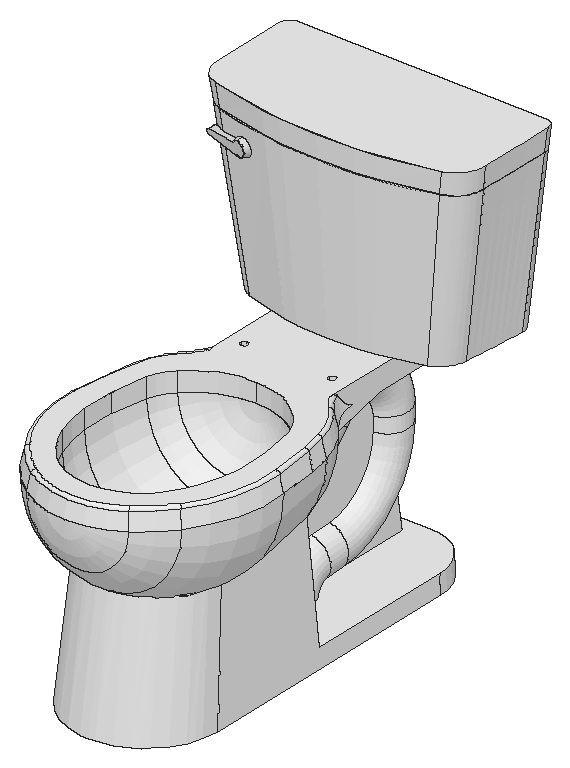
Revit family "Plumbing-Pressure-Assist-Water-Closet-Sloan-Valve-WETS-80098018z", category Plumbing Fixtures, host Face, Revit 2021
Family settings
  Host = Face
  Round Connector Dimension = Use Diameter
  Part Type = Normal
  OmniClass Number = 23.45.05.21.11.11
  OmniClass Title = Water Operated Water Closets
  Cut with Voids When Loaded = No
  Shared = No
  Room Calculation Point = No
Parameters (values of type "WETS-8009.8018")
  Width = 18 1/4"  # constant formula
  Water Closet Code = "2108009"
  Valve Pressure Drop = 0.00 psi
  Tank Code = "2108018"
  Sanitary Drain Connector Description = "Sanitary Drain Connector d2 1/8\""
  Sanitary Drain Connection Diameter = 2 1/8"  # constant formula
  Real Distance to Wall [instance] = if(Distance to Wall < 3/4", 3/4", Distance to Wall)  # 3/4"
  Waste Connection = yes
  WFU = 10
  Vent Connection = yes
  URL = "www.sloanvalve.com"
  Product data url = "https://bimobject.com/sloan_valve/product/pressure-assist-water-closets_sloan_wets-80098010"
  Product Material = Sloan Valve - Vitreous China - White
  Product Guid = ""
  Part Number = "WETS-8009.8018"
  Model = "WETS-8009.8018"
  Minimum Static Pressure = "20 PSI (138 kPa)"  # constant formula
  Maximum Static Pressure = "80 PSI (552 kPa)"  # constant formula
  Manufacturer = "Sloan Valve"  # constant formula
  Keynote = "15410"
  Height = 28 1/4"  # constant formula
  HWFU = 0
  HW Connection = yes
  Flush Rate = "0.75 gpf (2.84 Lpf)"
  Depth = 30 3/8"  # constant formula
  Cold Water Connector Description = "Cold Water Connector d1/2\""
  Cold Water Connection Diameter = 1/2"  # constant formula
  Edition number = 1
  Distance to Wall [instance] = 3/4"
  Description = "Floor-Mounted 0.75 gpf (2.84 Lpf) 12\" Rough-in Pressure-Assisted/Tank Toilet."
  Default Elevation = 0"
  CWFU = 10
  CW Connection = yes
  Assembly Code = "D2010"
  ADA Compliant [instance] = 1 = 2  # no
Reference planes
  plane 1 "Center (Front/Back)": y = 0
  plane 2: z = 0
  plane 3 "Center (Left/Right)": x = 0
  plane 4: x = -201.612
  plane 5: x = 201.613
  plane 6: y = -762.786
  plane 7: y = -19.05
  plane 8: x = -201.612
  plane 9: x = 201.613
  plane 10: y = -756.436
  plane 11: y = -12.7
Forms (mm)
  Blend 1, solid, material "Sloan Valve - Vitreous China - White" <- "Product Material"
    base sketch origin (0, 0, 0) x (1, 0, 0) y (0, 1, 0)
      loop
        arc (-34.925, -45.045) -> (-97.787, -71.084) -> (-123.825, -133.945) r 88.9
        line (-123.825, -133.945) -> (-123.825, -615.95)
        arc (-123.825, -615.95) -> (0, -739.775) -> (123.825, -615.95) r 123.825
        line (123.825, -615.95) -> (123.825, -133.945)
        arc (123.825, -133.945) -> (97.787, -71.084) -> (34.925, -45.045) r 88.9
        line (34.925, -45.045) -> (-34.925, -45.045)
    top sketch origin (0, 0, 0) x (1, 0, 0) y (0, 1, 0)
      loop
        arc (-109.537, -584.301) -> (0, -693.838) -> (109.537, -584.301) r 109.537
        line (109.537, -584.301) -> (109.537, -133.945)
        arc (109.537, -133.945) -> (83.499, -71.084) -> (20.637, -45.045) r 88.9
        line (20.637, -45.045) -> (-20.637, -45.045)
        arc (-20.637, -45.045) -> (-83.499, -71.084) -> (-109.537, -133.945) r 88.9
        line (-109.537, -133.945) -> (-109.537, -584.301)
    from 0 to 312.058
  Extrusion 2, solid, material "Sloan Valve - Vitreous China - White" <- "Product Material"
    sketch origin (0, 0, -25.4) x (0, 1, 0) y (0, 0, 1)
      loop
        line (-369.05, 348.14) -> (-241.882, 379.846) -> (-70.211, 379.846) -> (-64.931, 440.2) -> (-185.947, 440.2)
        arc (-185.947, 440.2) -> (-192.127, 425.28) -> (-207.047, 419.1) r 21.1
        line (-207.047, 419.1) -> (-369.05, 419.1) -> (-369.05, 348.14)
    from -104.047 to 104.047
  Sweep 3, solid, material "Sloan Valve - Vitreous China - White" <- "Product Material"
    path origin (0, 0, 0) x (0, 1, 0) y (0, 0, 1)
      loop
        line (-304.8, 0) -> (-304.8, 30.289)
        arc (-304.8, 30.289) -> (-293.174, 59.429) -> (-264.682, 72.564) r 42.333
        line (-264.682, 72.564) -> (-226.487, 74.566)
        arc (-226.487, 74.566) -> (-134.627, 116.914) -> (-97.145, 210.864) r 136.485
        line (-97.145, 210.864) -> (-97.145, 236.948)
        arc (-97.145, 236.948) -> (-144.28, 307.387) -> (-227.373, 290.682) r 76.2
        arc (-227.373, 290.682) -> (-233.15, 284.615) -> (-238.657, 278.301) r 192.236
        arc (-238.657, 278.301) -> (-334.604, 206.706) -> (-452.54, 186.145) r 257.901
    profile origin (0, -304.8, 15.145) x (0, -1, 0) y (1, 0, 0)
      loop
        circle (0, 0) r 38.1
  Extrusion 4, solid, material "Sloan Valve - Vitreous China - White" <- "Product Material"
    sketch origin (22.443, 0, 0) x (0, 1, 0) y (0, 0, 1)
      loop
        line (-68.2, 389.4) -> (-235.377, 389.4) -> (-261.569, 382.87) -> (-496.95, 175.082) -> (-484.132, 28.575) -> (-70.397, 28.575)
        arc (-70.397, 28.575) -> (-82.455, 126.803) -> (-68.088, 224.72) r 370.607
        arc (-68.088, 224.72) -> (-59.936, 265.377) -> (-58.507, 306.818) r 254
        arc (-58.507, 306.818) -> (-61.916, 348.278) -> (-68.2, 389.4) r 598.021
    from -28.793 to -16.093
  Extrusion 5, solid, not visible
    sketch origin (0, 0, 0) x (1, 0, 0) y (0, 0, 1)
      loop
        circle (-152.4, 254) r 6.35
    from 0 to 0.794
  Blend 6, solid, material "Sloan Valve - Vitreous China - White" <- "Product Material"
    base sketch origin (0, 0.822, 430.81) x (1, 0, 0) y (0, 1, 0)
      loop
        line (-196.16, -48.519) -> (-186.739, -156.202)
        arc (-186.739, -156.202) -> (-176.518, -182.59) -> (-153.766, -199.416) r 50.8
        arc (-153.766, -199.416) -> (0, -226.96) -> (153.766, -199.416) r 442.975
        arc (153.766, -199.416) -> (176.518, -182.59) -> (186.739, -156.202) r 50.8
        line (186.739, -156.202) -> (196.16, -48.519)
        arc (196.16, -48.519) -> (191.227, -33.989) -> (177.182, -27.809) r 19.05
        line (177.182, -27.809) -> (-177.182, -27.809)
        arc (-177.182, -27.809) -> (-191.227, -33.989) -> (-196.16, -48.519) r 19.05
    top sketch origin (0, 0.822, 430.81) x (1, 0, 0) y (0, 1, 0)
      loop
        arc (-212.725, -19.872) -> (-226.195, -25.451) -> (-231.775, -38.922) r 19.05
        line (-231.775, -38.922) -> (-231.775, -172.47)
        arc (-231.775, -172.47) -> (-221.507, -203.094) -> (-194.854, -221.338) r 50.8
        arc (-194.854, -221.338) -> (0, -248.472) -> (194.854, -221.338) r 713.209
        arc (194.854, -221.338) -> (221.507, -203.094) -> (231.775, -172.47) r 50.8
        line (231.775, -172.47) -> (231.775, -38.922)
        arc (231.775, -38.922) -> (226.195, -25.451) -> (212.725, -19.872) r 19.05
        line (212.725, -19.872) -> (-212.725, -19.872)
    from -37.11 to 286.74
  Extrusion 7, solid, material "Sloan Valve - Finish - Polished Chrome"
    sketch origin (-20.292, -269.587, 900.595) x (-0.97881, 0.203994, 0.017847) y (0, 0.087156, -0.996195)
      loop
        line (127, 257.261) -> (188.747, 261.579)
        arc (188.747, 261.579) -> (192.467, 265.466) -> (188.955, 269.542) r 4.001
        line (188.955, 269.542) -> (127, 277.149) -> (127, 257.261)
    from 0 to 12.7
  Revolve 8, solid, material "Sloan Valve - Finish - Polished Chrome"
    sketch origin (-369.854, -1316.287, 809.02) x (-0.204773, -0.975085, -0.085309) y (0, 0.087156, -0.996195)
      loop
        line (-1100.014, 265.639) -> (-1087.314, 265.639) -> (-1087.314, 277.803) -> (-1087.756, 278.482) -> (-1100.014, 282.465) -> (-1100.014, 265.639)
      axis (-1100.014, 265.639) -> (-1087.314, 265.639)
    angle from 0 to 360
  Revolve 9, solid, material "Sloan Valve - Vitreous China - White" <- "Product Material"
    sketch origin (0, -107.509, 360.363) x (1, 0, 0) y (0, 1, 0)
      loop
        line (0, -683.066) -> (0, -633.619)
        arc (0, -633.619) -> (-54.455, -620.155) -> (-96.361, -582.866) r 116.854
        arc (-96.361, -582.866) -> (-108.844, -562.27) -> (-118.928, -540.399) r 213.603
        arc (-118.928, -540.399) -> (-129.044, -507.813) -> (-134.203, -474.085) r 228.843
        arc (-134.203, -474.085) -> (-133.643, -413.542) -> (-122.68, -353.997) r 350.763
        arc (-122.68, -353.997) -> (-114.097, -332.991) -> (-100.788, -314.61) r 95.25
        arc (-100.788, -314.61) -> (-55.004, -282.028) -> (0, -270.524) r 137.251
        line (0, -270.524) -> (0, -209.239)
        arc (0, -209.239) -> (-18.194, -209.694) -> (-36.342, -211.057) r 364.157
        arc (-36.342, -211.057) -> (-122.715, -249.087) -> (-170.133, -330.684) r 152.4
        arc (-170.133, -330.684) -> (-180.229, -386.679) -> (-186.583, -443.221) r 855.912
        arc (-186.583, -443.221) -> (-178.018, -528.288) -> (-140.189, -604.962) r 240.102
        arc (-140.189, -604.962) -> (-116.352, -632.223) -> (-88.426, -655.277) r 223.457
        arc (-88.426, -655.277) -> (-46.345, -675.956) -> (0, -683.066) r 154.581
      axis (0, -209.239) -> (0, -683.066)
    angle from 0 to 180
  Extrusion 10, solid, material "Vitreous China-Sloan-White"
    sketch origin (0, -122.297, -1.685) x (1, 0, 0) y (0, 0, 1)
      loop
        arc (57.698, 221.011) -> (0.981, 212.195) -> (-56.307, 215.748) r 266.082
        line (-56.307, 215.748) -> (-39.243, 151.174)
        arc (-39.243, 151.174) -> (0, 120.954) -> (39.243, 151.174) r 40.59
        line (39.243, 151.174) -> (57.698, 221.011)
    from 346.299 to 429.496
  Blend 11, solid, material "Sloan Valve - Vitreous China - White" <- "Product Material"
    base sketch origin (0, -108.545, 375.1) x (1, 0, 0) y (0, 0, 1)
      loop
        line (25.325, -14.42) -> (-25.325, -14.42) -> (-25.325, -20.654)
        arc (-25.325, -20.654) -> (0, -45.979) -> (25.325, -20.654) r 25.325
        line (25.325, -20.654) -> (25.325, -14.42)
    top sketch origin (0, -108.545, 375.1) x (1, 0, 0) y (0, 0, 1)
      loop
        line (46.038, -14.42) -> (-46.037, -14.42) -> (-46.037, -23.887)
        arc (-46.037, -23.887) -> (0, -69.925) -> (46.038, -23.887) r 46.037
        line (46.038, -23.887) -> (46.038, -14.42)
    from 129.035 to 108.105
  Blend 12, solid, material "Sloan Valve - Vitreous China - White" <- "Product Material"
    base sketch origin (0, -108.545, 375.1) x (1, 0, 0) y (0, 0, 1)
      loop
        line (46.038, -14.42) -> (-46.037, -14.42) -> (-46.037, -23.887)
        arc (-46.037, -23.887) -> (0, -69.925) -> (46.038, -23.887) r 46.037
        line (46.038, -23.887) -> (46.038, -14.42)
    top sketch origin (0, -108.545, 375.1) x (1, 0, 0) y (0, 0, 1)
      loop
        line (46.038, -14.42) -> (-46.037, -14.42) -> (-46.037, -43.731)
        arc (-46.037, -43.731) -> (0, -89.769) -> (46.038, -43.731) r 46.038
        line (46.038, -43.731) -> (46.038, -14.42)
    from 108.105 to 38.1
  Sweep 13, solid, material "Sloan Valve - Vitreous China - White" <- "Product Material"
    path origin (0, -122.297, 0) x (0, 1, 0) y (0, 0, 1)
      loop
        arc (-352.549, 201.173) -> (-327.484, 201.16) -> (-302.744, 205.182) r 155.194
        arc (-302.744, 205.182) -> (-278.132, 217.142) -> (-260.549, 238.11) r 65.532
        arc (-260.549, 238.11) -> (-246.125, 268.805) -> (-234.718, 300.744) r 352.298
        arc (-234.718, 300.744) -> (-234.446, 301.431) -> (-234.066, 302.064) r 4.499
        arc (-234.066, 302.064) -> (-210.936, 321.963) -> (-181.277, 329.121) r 65.024
        line (-181.277, 329.121) -> (-115.283, 329.121)
    profile origin (0, -270.577, 329.121) x (0, 0, 1) y (1, 0, 0)
      loop
        line (25.325, -25.325) -> (25.325, 25.325)
        arc (25.325, 25.325) -> (0, 0) -> (25.325, -25.325) r 25.325
  Sweep 14, solid, material "Sloan Valve - Vitreous China - White" <- "Product Material"
    path origin (0, 0, 0) x (1, 0, 0) y (0, 1, 0)
      loop
        line (-104.047, -185.947) -> (-104.047, -295.646)
        arc (-104.047, -295.646) -> (-111.251, -333.222) -> (-131.841, -365.47) r 101.6
        arc (-131.841, -365.47) -> (-155.982, -399.201) -> (-170.133, -438.192) r 152.4
        arc (-170.133, -438.192) -> (-174.125, -457.895) -> (-177.652, -477.686) r 855.912
        arc (-177.652, -477.686) -> (-182.903, -514.112) -> (-186.583, -550.729) r 855.912
        arc (-186.583, -550.729) -> (-178.018, -635.797) -> (-140.189, -712.47) r 240.102
        arc (-140.189, -712.47) -> (-116.352, -739.732) -> (-88.426, -762.786) r 223.457
        arc (-88.426, -762.786) -> (0, -790.575) -> (88.426, -762.786) r 154.581
        arc (88.426, -762.786) -> (116.352, -739.732) -> (140.189, -712.47) r 223.457
        arc (140.189, -712.47) -> (178.018, -635.797) -> (186.583, -550.729) r 240.102
        arc (186.583, -550.729) -> (182.903, -514.112) -> (177.652, -477.686) r 855.912
        arc (177.652, -477.686) -> (174.125, -457.895) -> (170.133, -438.192) r 855.912
        arc (170.133, -438.192) -> (155.982, -399.201) -> (131.841, -365.47) r 152.4
        arc (131.841, -365.47) -> (111.251, -333.222) -> (104.047, -295.646) r 101.6
        line (104.047, -295.646) -> (104.047, -185.947)
    profile origin (0, -790.575, 0) x (0, 1, 0) y (0, 0, 1)
      loop
        line (0, 360.362) -> (18.191, 360.362) -> (18.191, 393.7) -> (12.748, 393.7)
        arc (12.748, 393.7) -> (8.795, 392.32) -> (6.56, 388.778) r 6.35
        line (6.56, 388.778) -> (0, 360.362)
  Extrusion 15, void
    sketch origin (0, 0, 0) x (1, 0, 0) y (0, 1, 0)
      loop
        arc (118.928, -647.907) -> (129.044, -615.321) -> (134.203, -581.593) r 228.843
        arc (134.203, -581.593) -> (135.243, -552.98) -> (133.946, -524.377) r 350.763
        arc (133.946, -524.377) -> (129.747, -492.684) -> (122.68, -461.506) r 350.763
        arc (122.68, -461.506) -> (114.097, -440.499) -> (100.788, -422.119) r 95.25
        arc (100.788, -422.119) -> (55.004, -389.536) -> (0, -378.032) r 137.251
        arc (0, -378.032) -> (-55.004, -389.536) -> (-100.788, -422.119) r 137.251
        arc (-100.788, -422.119) -> (-114.097, -440.499) -> (-122.68, -461.506) r 95.25
        arc (-122.68, -461.506) -> (-129.747, -492.684) -> (-133.946, -524.377) r 350.763
        arc (-133.946, -524.377) -> (-135.243, -552.98) -> (-134.203, -581.593) r 350.763
        arc (-134.203, -581.593) -> (-129.044, -615.321) -> (-118.928, -647.907) r 228.843
        arc (-118.928, -647.907) -> (-108.844, -669.778) -> (-96.361, -690.375) r 213.603
        arc (-96.361, -690.375) -> (-54.455, -727.664) -> (0, -741.127) r 116.854
        arc (0, -741.127) -> (54.455, -727.664) -> (96.361, -690.375) r 116.854
        arc (96.361, -690.375) -> (108.844, -669.778) -> (118.928, -647.907) r 213.603
    from 360.362 to 393.7
  Extrusion 16, solid, material "Sloan Valve - Vitreous China - White" <- "Product Material"
    sketch origin (0, 0, 0) x (1, 0, 0) y (0, 1, 0)
      loop
        arc (-168.448, -552.159) -> (-160.532, -630.781) -> (-125.569, -701.646) r 221.912
        arc (-125.569, -701.646) -> (-103.673, -726.688) -> (-78.02, -747.865) r 205.266
        arc (-78.02, -747.865) -> (0, -772.384) -> (78.02, -747.865) r 136.39
        arc (78.02, -747.865) -> (103.673, -726.688) -> (125.569, -701.646) r 205.266
        arc (125.569, -701.646) -> (160.532, -630.781) -> (168.448, -552.159) r 221.912
        arc (168.448, -552.159) -> (164.847, -516.319) -> (159.708, -480.668) r 837.721
        arc (159.708, -480.668) -> (156.255, -461.297) -> (152.348, -442.013) r 837.721
        arc (152.348, -442.013) -> (139.886, -407.676) -> (118.627, -377.971) r 134.209
        arc (118.627, -377.971) -> (110.867, -368.903) -> (104.047, -359.107) r 119.791
        line (104.047, -359.107) -> (104.047, -369.05) -> (-104.047, -369.05) -> (-104.047, -359.107)
        arc (-104.047, -359.107) -> (-110.867, -368.903) -> (-118.627, -377.971) r 119.791
        arc (-118.627, -377.971) -> (-139.886, -407.676) -> (-152.348, -442.013) r 134.209
        arc (-152.348, -442.013) -> (-156.255, -461.297) -> (-159.708, -480.668) r 837.721
        arc (-159.708, -480.668) -> (-164.847, -516.319) -> (-168.448, -552.159) r 837.721
    from 360.362 to 393.7
  Extrusion 17, void
    sketch origin (0, 0, 0) x (0, 1, 0) y (0, 0, 1)
      loop
        line (-419.1, 368.114) -> (-395.566, 31.564) -> (-10.202, 31.564) -> (-10.202, 368.114) -> (-419.1, 368.114)
    from -219.74 to 304.8
  Revolve 18, void
    sketch origin (0, -107.509, 360.363) x (1, 0, 0) y (0, 1, 0)
      loop
        line (0, -639.969) -> (0, -264.174)
        arc (0, -264.174) -> (-57.549, -276.21) -> (-105.451, -310.3) r 143.601
        arc (-105.451, -310.3) -> (-119.647, -329.906) -> (-128.802, -352.313) r 101.6
        arc (-128.802, -352.313) -> (-139.964, -412.935) -> (-140.534, -474.574) r 357.113
        arc (-140.534, -474.574) -> (-135.232, -509.238) -> (-124.835, -542.728) r 235.193
        arc (-124.835, -542.728) -> (-114.451, -565.249) -> (-101.598, -586.458) r 219.953
        arc (-101.598, -586.458) -> (-57.414, -625.773) -> (0, -639.969) r 123.204
      axis (0, -264.174) -> (0, -639.969)
    angle from 0 to 180
  Extrusion 19, void
    sketch origin (0, 0, 0) x (1, 0, 0) y (0, 1, 0)
      loop
        arc (-212.725, -19.05) -> (-226.195, -24.63) -> (-231.775, -38.1) r 19.05
        line (-231.775, -38.1) -> (-231.775, -171.649)
        arc (-231.775, -171.649) -> (-221.507, -202.272) -> (-194.854, -220.516) r 50.8
        arc (-194.854, -220.516) -> (0, -247.65) -> (194.854, -220.516) r 713.209
        arc (194.854, -220.516) -> (221.507, -202.272) -> (231.775, -171.649) r 50.8
        line (231.775, -171.649) -> (231.775, -38.1)
        arc (231.775, -38.1) -> (226.195, -24.63) -> (212.725, -19.05) r 19.05
        line (212.725, -19.05) -> (-212.725, -19.05)
      loop
        line (-225.425, -38.1) -> (-225.425, -171.649)
        arc (-225.425, -171.649) -> (-216.441, -198.444) -> (-193.119, -214.408) r 44.45
        arc (-193.119, -214.408) -> (0, -241.3) -> (193.119, -214.408) r 706.859
        arc (193.119, -214.408) -> (216.441, -198.444) -> (225.425, -171.649) r 44.45
        line (225.425, -171.649) -> (225.425, -38.1)
        arc (225.425, -38.1) -> (221.705, -29.12) -> (212.725, -25.4) r 12.7
        line (212.725, -25.4) -> (-212.725, -25.4)
        arc (-212.725, -25.4) -> (-221.705, -29.12) -> (-225.425, -38.1) r 12.7
    from 678.093 to 679.681
  Extrusion 20, void
    sketch origin (0, 0, 0) x (1, 0, 0) y (0, 1, 0)
      loop
        circle (-76.2, -307.975) r 6.35
      loop
        circle (76.2, -307.975) r 6.35
    from 341.312 to 499.954
  Blend 21, solid, material "Sloan Valve - Vitreous China - White" <- "Product Material", not visible
    base sketch origin (0, 6.35, 0) x (1, 0, 0) y (0, 1, 0)
      loop
        arc (-34.925, -45.045) -> (-97.787, -71.084) -> (-123.825, -133.945) r 88.9
        line (-123.825, -133.945) -> (-123.825, -615.95)
        arc (-123.825, -615.95) -> (0, -739.775) -> (123.825, -615.95) r 123.825
        line (123.825, -615.95) -> (123.825, -133.945)
        arc (123.825, -133.945) -> (97.787, -71.084) -> (34.925, -45.045) r 88.9
        line (34.925, -45.045) -> (-34.925, -45.045)
    top sketch origin (0, 6.35, 0) x (1, 0, 0) y (0, 1, 0)
      loop
        arc (-109.537, -584.301) -> (0, -693.838) -> (109.537, -584.301) r 109.537
        line (109.537, -584.301) -> (109.537, -133.945)
        arc (109.537, -133.945) -> (83.499, -71.084) -> (20.637, -45.045) r 88.9
        line (20.637, -45.045) -> (-20.637, -45.045)
        arc (-20.637, -45.045) -> (-83.499, -71.084) -> (-109.537, -133.945) r 88.9
        line (-109.537, -133.945) -> (-109.537, -584.301)
    from 0 to 312.058
  Extrusion 22, solid, material "Sloan Valve - Vitreous China - White" <- "Product Material", not visible
    sketch origin (0, 6.35, -25.4) x (0, 1, 0) y (0, 0, 1)
      loop
        line (-369.05, 348.14) -> (-241.882, 379.846) -> (-70.211, 379.846) -> (-64.931, 440.2) -> (-185.947, 440.2)
        arc (-185.947, 440.2) -> (-192.127, 425.28) -> (-207.047, 419.1) r 21.1
        line (-207.047, 419.1) -> (-369.05, 419.1) -> (-369.05, 348.14)
    from -104.047 to 104.047
  Sweep 23, solid, material "Sloan Valve - Vitreous China - White" <- "Product Material", not visible
    path origin (0, 6.35, 0) x (0, 1, 0) y (0, 0, 1)
      loop
        line (-304.8, 0) -> (-304.8, 30.289)
        arc (-304.8, 30.289) -> (-293.174, 59.429) -> (-264.682, 72.564) r 42.333
        line (-264.682, 72.564) -> (-226.487, 74.566)
        arc (-226.487, 74.566) -> (-134.627, 116.914) -> (-97.145, 210.864) r 136.485
        line (-97.145, 210.864) -> (-97.145, 236.948)
        arc (-97.145, 236.948) -> (-144.28, 307.387) -> (-227.373, 290.682) r 76.2
        arc (-227.373, 290.682) -> (-233.15, 284.615) -> (-238.657, 278.301) r 192.236
        arc (-238.657, 278.301) -> (-334.604, 206.706) -> (-452.54, 186.145) r 257.901
    profile origin (0, -298.45, 15.145) x (0, -1, 0) y (1, 0, 0)
      loop
        circle (0, 0) r 38.1
  Extrusion 24, solid, material "Sloan Valve - Vitreous China - White" <- "Product Material", not visible
    sketch origin (22.443, 6.35, 0) x (0, 1, 0) y (0, 0, 1)
      loop
        line (-68.2, 389.4) -> (-235.377, 389.4) -> (-261.569, 382.87) -> (-496.95, 175.082) -> (-484.132, 28.575) -> (-70.397, 28.575)
        arc (-70.397, 28.575) -> (-82.455, 126.803) -> (-68.088, 224.72) r 370.607
        arc (-68.088, 224.72) -> (-59.936, 265.377) -> (-58.507, 306.818) r 254
        arc (-58.507, 306.818) -> (-61.916, 348.278) -> (-68.2, 389.4) r 598.021
    from -28.793 to -16.093
  Blend 25, solid, material "Sloan Valve - Vitreous China - White" <- "Product Material", not visible
    base sketch origin (0, 7.172, 430.81) x (1, 0, 0) y (0, 1, 0)
      loop
        line (-196.16, -48.519) -> (-186.739, -156.202)
        arc (-186.739, -156.202) -> (-176.518, -182.59) -> (-153.766, -199.416) r 50.8
        arc (-153.766, -199.416) -> (0, -226.96) -> (153.766, -199.416) r 442.975
        arc (153.766, -199.416) -> (176.518, -182.59) -> (186.739, -156.202) r 50.8
        line (186.739, -156.202) -> (196.16, -48.519)
        arc (196.16, -48.519) -> (191.227, -33.989) -> (177.182, -27.809) r 19.05
        line (177.182, -27.809) -> (-177.182, -27.809)
        arc (-177.182, -27.809) -> (-191.227, -33.989) -> (-196.16, -48.519) r 19.05
    top sketch origin (0, 7.172, 430.81) x (1, 0, 0) y (0, 1, 0)
      loop
        arc (-212.725, -19.872) -> (-226.195, -25.451) -> (-231.775, -38.922) r 19.05
        line (-231.775, -38.922) -> (-231.775, -172.47)
        arc (-231.775, -172.47) -> (-221.507, -203.094) -> (-194.854, -221.338) r 50.8
        arc (-194.854, -221.338) -> (0, -248.472) -> (194.854, -221.338) r 713.209
        arc (194.854, -221.338) -> (221.507, -203.094) -> (231.775, -172.47) r 50.8
        line (231.775, -172.47) -> (231.775, -38.922)
        arc (231.775, -38.922) -> (226.195, -25.451) -> (212.725, -19.872) r 19.05
        line (212.725, -19.872) -> (-212.725, -19.872)
    from -37.11 to 286.74
  Extrusion 26, solid, material "Sloan Valve - Finish - Polished Chrome", not visible
    sketch origin (-20.292, -263.237, 900.595) x (-0.97881, 0.203994, 0.017847) y (0, 0.087156, -0.996195)
      loop
        line (127, 257.261) -> (188.747, 261.579)
        arc (188.747, 261.579) -> (192.467, 265.466) -> (188.955, 269.542) r 4.001
        line (188.955, 269.542) -> (127, 277.149) -> (127, 257.261)
    from 0 to 12.7
  Revolve 27, solid, material "Sloan Valve - Finish - Polished Chrome", not visible
    sketch origin (-369.854, -1309.937, 809.02) x (-0.204773, -0.975085, -0.085309) y (0, 0.087156, -0.996195)
      loop
        line (-1100.014, 265.639) -> (-1087.314, 265.639) -> (-1087.314, 277.803) -> (-1087.756, 278.482) -> (-1100.014, 282.465) -> (-1100.014, 265.639)
      axis (-1100.014, 265.639) -> (-1087.314, 265.639)
    angle from 0 to 360
  Revolve 28, solid, material "Sloan Valve - Vitreous China - White" <- "Product Material", not visible
    sketch origin (0, -101.159, 360.363) x (1, 0, 0) y (0, 1, 0)
      loop
        line (0, -683.066) -> (0, -633.619)
        arc (0, -633.619) -> (-54.455, -620.155) -> (-96.361, -582.866) r 116.854
        arc (-96.361, -582.866) -> (-108.844, -562.27) -> (-118.928, -540.399) r 213.603
        arc (-118.928, -540.399) -> (-129.044, -507.813) -> (-134.203, -474.085) r 228.843
        arc (-134.203, -474.085) -> (-133.643, -413.542) -> (-122.68, -353.997) r 350.763
        arc (-122.68, -353.997) -> (-114.097, -332.991) -> (-100.788, -314.61) r 95.25
        arc (-100.788, -314.61) -> (-55.004, -282.028) -> (0, -270.524) r 137.251
        line (0, -270.524) -> (0, -209.239)
        arc (0, -209.239) -> (-18.194, -209.694) -> (-36.342, -211.057) r 364.157
        arc (-36.342, -211.057) -> (-122.715, -249.087) -> (-170.133, -330.684) r 152.4
        arc (-170.133, -330.684) -> (-180.229, -386.679) -> (-186.583, -443.221) r 855.912
        arc (-186.583, -443.221) -> (-178.018, -528.288) -> (-140.189, -604.962) r 240.102
        arc (-140.189, -604.962) -> (-116.352, -632.223) -> (-88.426, -655.277) r 223.457
        arc (-88.426, -655.277) -> (-46.345, -675.956) -> (0, -683.066) r 154.581
      axis (0, -209.239) -> (0, -683.066)
    angle from 0 to 180
  Extrusion 29, solid, material "Vitreous China-Sloan-White", not visible
    sketch origin (0, -115.947, -1.685) x (1, 0, 0) y (0, 0, 1)
      loop
        arc (57.698, 221.011) -> (0.981, 212.195) -> (-56.307, 215.748) r 266.082
        line (-56.307, 215.748) -> (-39.243, 151.174)
        arc (-39.243, 151.174) -> (0, 120.954) -> (39.243, 151.174) r 40.59
        line (39.243, 151.174) -> (57.698, 221.011)
    from 346.299 to 429.496
  Blend 30, solid, material "Sloan Valve - Vitreous China - White" <- "Product Material", not visible
    base sketch origin (0, -102.195, 375.1) x (1, 0, 0) y (0, 0, 1)
      loop
        line (25.325, -14.42) -> (-25.325, -14.42) -> (-25.325, -20.654)
        arc (-25.325, -20.654) -> (0, -45.979) -> (25.325, -20.654) r 25.325
        line (25.325, -20.654) -> (25.325, -14.42)
    top sketch origin (0, -102.195, 375.1) x (1, 0, 0) y (0, 0, 1)
      loop
        line (46.038, -14.42) -> (-46.037, -14.42) -> (-46.037, -23.887)
        arc (-46.037, -23.887) -> (0, -69.925) -> (46.038, -23.887) r 46.037
        line (46.038, -23.887) -> (46.038, -14.42)
    from 129.035 to 108.105
  Blend 31, solid, material "Sloan Valve - Vitreous China - White" <- "Product Material", not visible
    base sketch origin (0, -102.195, 375.1) x (1, 0, 0) y (0, 0, 1)
      loop
        line (46.038, -14.42) -> (-46.037, -14.42) -> (-46.037, -23.887)
        arc (-46.037, -23.887) -> (0, -69.925) -> (46.038, -23.887) r 46.037
        line (46.038, -23.887) -> (46.038, -14.42)
    top sketch origin (0, -102.195, 375.1) x (1, 0, 0) y (0, 0, 1)
      loop
        line (46.038, -14.42) -> (-46.037, -14.42) -> (-46.037, -43.731)
        arc (-46.037, -43.731) -> (0, -89.769) -> (46.038, -43.731) r 46.038
        line (46.038, -43.731) -> (46.038, -14.42)
    from 108.105 to 38.1
  Sweep 32, solid, material "Sloan Valve - Vitreous China - White" <- "Product Material", not visible
    path origin (0, -115.947, 0) x (0, 1, 0) y (0, 0, 1)
      loop
        arc (-352.549, 201.173) -> (-327.484, 201.16) -> (-302.744, 205.182) r 155.194
        arc (-302.744, 205.182) -> (-278.132, 217.142) -> (-260.549, 238.11) r 65.532
        arc (-260.549, 238.11) -> (-246.125, 268.805) -> (-234.718, 300.744) r 352.298
        arc (-234.718, 300.744) -> (-234.446, 301.431) -> (-234.066, 302.064) r 4.499
        arc (-234.066, 302.064) -> (-210.936, 321.963) -> (-181.277, 329.121) r 65.024
        line (-181.277, 329.121) -> (-115.283, 329.121)
    profile origin (0, -264.227, 329.121) x (0, 0, 1) y (1, 0, 0)
      loop
        line (25.325, -25.325) -> (25.325, 25.325)
        arc (25.325, 25.325) -> (0, 0) -> (25.325, -25.325) r 25.325
  Sweep 33, solid, material "Sloan Valve - Vitreous China - White" <- "Product Material", not visible
    path origin (0, 6.35, 0) x (1, 0, 0) y (0, 1, 0)
      loop
        line (-104.047, -185.947) -> (-104.047, -295.646)
        arc (-104.047, -295.646) -> (-111.251, -333.222) -> (-131.841, -365.47) r 101.6
        arc (-131.841, -365.47) -> (-155.982, -399.201) -> (-170.133, -438.192) r 152.4
        arc (-170.133, -438.192) -> (-174.125, -457.895) -> (-177.652, -477.686) r 855.912
        arc (-177.652, -477.686) -> (-182.903, -514.112) -> (-186.583, -550.729) r 855.912
        arc (-186.583, -550.729) -> (-178.018, -635.797) -> (-140.189, -712.47) r 240.102
        arc (-140.189, -712.47) -> (-116.352, -739.732) -> (-88.426, -762.786) r 223.457
        arc (-88.426, -762.786) -> (0, -790.575) -> (88.426, -762.786) r 154.581
        arc (88.426, -762.786) -> (116.352, -739.732) -> (140.189, -712.47) r 223.457
        arc (140.189, -712.47) -> (178.018, -635.797) -> (186.583, -550.729) r 240.102
        arc (186.583, -550.729) -> (182.903, -514.112) -> (177.652, -477.686) r 855.912
        arc (177.652, -477.686) -> (174.125, -457.895) -> (170.133, -438.192) r 855.912
        arc (170.133, -438.192) -> (155.982, -399.201) -> (131.841, -365.47) r 152.4
        arc (131.841, -365.47) -> (111.251, -333.222) -> (104.047, -295.646) r 101.6
        line (104.047, -295.646) -> (104.047, -185.947)
    profile origin (0, -784.225, 0) x (0, 1, 0) y (0, 0, 1)
      loop
        line (0, 360.362) -> (18.191, 360.362) -> (18.191, 393.7) -> (12.748, 393.7)
        arc (12.748, 393.7) -> (8.795, 392.32) -> (6.56, 388.778) r 6.35
        line (6.56, 388.778) -> (0, 360.362)
  Extrusion 34, void, not visible
    sketch origin (0, 6.35, 0) x (1, 0, 0) y (0, 1, 0)
      loop
        arc (118.928, -647.907) -> (129.044, -615.321) -> (134.203, -581.593) r 228.843
        arc (134.203, -581.593) -> (135.243, -552.98) -> (133.946, -524.377) r 350.763
        arc (133.946, -524.377) -> (129.747, -492.684) -> (122.68, -461.506) r 350.763
        arc (122.68, -461.506) -> (114.097, -440.499) -> (100.788, -422.119) r 95.25
        arc (100.788, -422.119) -> (55.004, -389.536) -> (0, -378.032) r 137.251
        arc (0, -378.032) -> (-55.004, -389.536) -> (-100.788, -422.119) r 137.251
        arc (-100.788, -422.119) -> (-114.097, -440.499) -> (-122.68, -461.506) r 95.25
        arc (-122.68, -461.506) -> (-129.747, -492.684) -> (-133.946, -524.377) r 350.763
        arc (-133.946, -524.377) -> (-135.243, -552.98) -> (-134.203, -581.593) r 350.763
        arc (-134.203, -581.593) -> (-129.044, -615.321) -> (-118.928, -647.907) r 228.843
        arc (-118.928, -647.907) -> (-108.844, -669.778) -> (-96.361, -690.375) r 213.603
        arc (-96.361, -690.375) -> (-54.455, -727.664) -> (0, -741.127) r 116.854
        arc (0, -741.127) -> (54.455, -727.664) -> (96.361, -690.375) r 116.854
        arc (96.361, -690.375) -> (108.844, -669.778) -> (118.928, -647.907) r 213.603
    from 360.362 to 393.7
  Extrusion 35, solid, material "Sloan Valve - Vitreous China - White" <- "Product Material", not visible
    sketch origin (0, 6.35, 0) x (1, 0, 0) y (0, 1, 0)
      loop
        arc (-168.448, -552.159) -> (-160.532, -630.781) -> (-125.569, -701.646) r 221.912
        arc (-125.569, -701.646) -> (-103.673, -726.688) -> (-78.02, -747.865) r 205.266
        arc (-78.02, -747.865) -> (0, -772.384) -> (78.02, -747.865) r 136.39
        arc (78.02, -747.865) -> (103.673, -726.688) -> (125.569, -701.646) r 205.266
        arc (125.569, -701.646) -> (160.532, -630.781) -> (168.448, -552.159) r 221.912
        arc (168.448, -552.159) -> (164.847, -516.319) -> (159.708, -480.668) r 837.721
        arc (159.708, -480.668) -> (156.255, -461.297) -> (152.348, -442.013) r 837.721
        arc (152.348, -442.013) -> (139.886, -407.676) -> (118.627, -377.971) r 134.209
        arc (118.627, -377.971) -> (110.867, -368.903) -> (104.047, -359.107) r 119.791
        line (104.047, -359.107) -> (104.047, -369.05) -> (-104.047, -369.05) -> (-104.047, -359.107)
        arc (-104.047, -359.107) -> (-110.867, -368.903) -> (-118.627, -377.971) r 119.791
        arc (-118.627, -377.971) -> (-139.886, -407.676) -> (-152.348, -442.013) r 134.209
        arc (-152.348, -442.013) -> (-156.255, -461.297) -> (-159.708, -480.668) r 837.721
        arc (-159.708, -480.668) -> (-164.847, -516.319) -> (-168.448, -552.159) r 837.721
    from 360.362 to 393.7
  Extrusion 36, void, not visible
    sketch origin (0, 6.35, 0) x (0, 1, 0) y (0, 0, 1)
      loop
        line (-419.1, 368.114) -> (-395.566, 31.564) -> (-10.202, 31.564) -> (-10.202, 368.114) -> (-419.1, 368.114)
    from -219.74 to 304.8
  Revolve 37, void, not visible
    sketch origin (0, -101.159, 360.363) x (1, 0, 0) y (0, 1, 0)
      loop
        line (0, -639.969) -> (0, -264.174)
        arc (0, -264.174) -> (-57.549, -276.21) -> (-105.451, -310.3) r 143.601
        arc (-105.451, -310.3) -> (-119.647, -329.906) -> (-128.802, -352.313) r 101.6
        arc (-128.802, -352.313) -> (-139.964, -412.935) -> (-140.534, -474.574) r 357.113
        arc (-140.534, -474.574) -> (-135.232, -509.238) -> (-124.835, -542.728) r 235.193
        arc (-124.835, -542.728) -> (-114.451, -565.249) -> (-101.598, -586.458) r 219.953
        arc (-101.598, -586.458) -> (-57.414, -625.773) -> (0, -639.969) r 123.204
      axis (0, -264.174) -> (0, -639.969)
    angle from 0 to 180
  Extrusion 38, void, not visible
    sketch origin (0, 6.35, 0) x (1, 0, 0) y (0, 1, 0)
      loop
        arc (-212.725, -19.05) -> (-226.195, -24.63) -> (-231.775, -38.1) r 19.05
        line (-231.775, -38.1) -> (-231.775, -171.649)
        arc (-231.775, -171.649) -> (-221.507, -202.272) -> (-194.854, -220.516) r 50.8
        arc (-194.854, -220.516) -> (0, -247.65) -> (194.854, -220.516) r 713.209
        arc (194.854, -220.516) -> (221.507, -202.272) -> (231.775, -171.649) r 50.8
        line (231.775, -171.649) -> (231.775, -38.1)
        arc (231.775, -38.1) -> (226.195, -24.63) -> (212.725, -19.05) r 19.05
        line (212.725, -19.05) -> (-212.725, -19.05)
      loop
        line (-225.425, -38.1) -> (-225.425, -171.649)
        arc (-225.425, -171.649) -> (-216.441, -198.444) -> (-193.119, -214.408) r 44.45
        arc (-193.119, -214.408) -> (0, -241.3) -> (193.119, -214.408) r 706.859
        arc (193.119, -214.408) -> (216.441, -198.444) -> (225.425, -171.649) r 44.45
        line (225.425, -171.649) -> (225.425, -38.1)
        arc (225.425, -38.1) -> (221.705, -29.12) -> (212.725, -25.4) r 12.7
        line (212.725, -25.4) -> (-212.725, -25.4)
        arc (-212.725, -25.4) -> (-221.705, -29.12) -> (-225.425, -38.1) r 12.7
    from 678.093 to 679.681
  Extrusion 39, void, not visible
    sketch origin (0, 6.35, 0) x (1, 0, 0) y (0, 1, 0)
      loop
        circle (-76.2, -307.975) r 6.35
      loop
        circle (76.2, -307.975) r 6.35
    from 341.312 to 499.954
Cuts and joins
  Extrusion 17, Revolve 18 cuts Blend 1
  Extrusion 20 cuts Extrusion 2
  Extrusion 15 cuts Extrusion 16
  joined: Extrusion 2, Sweep 14, Extrusion 16
  joined: Extrusion 7, Revolve 8
  Extrusion 19 cuts Blend 6
Lines and regions (mm)
  Masking region 1
    outline origin (0, 0, 0) x (1, 0, 0) y (0, 1, 0)
      loop
        line (212.725, -19.05) -> (-212.725, -19.05)
        arc (-212.725, -19.05) -> (-226.195, -24.63) -> (-231.775, -38.1) r 19.05
        line (-231.775, -38.1) -> (-231.775, -171.649)
        arc (-231.775, -171.649) -> (-221.507, -202.272) -> (-194.854, -220.516) r 50.8
        arc (-194.854, -220.516) -> (-159.548, -229.575) -> (-123.825, -236.819) r 713.209
        line (-123.825, -236.819) -> (-123.825, -355.877)
        arc (-123.825, -355.877) -> (-127.686, -360.797) -> (-131.841, -365.47) r 101.6
        arc (-131.841, -365.47) -> (-155.982, -399.201) -> (-170.133, -438.192) r 152.4
        arc (-170.133, -438.192) -> (-174.125, -457.895) -> (-177.652, -477.686) r 855.912
        arc (-177.652, -477.686) -> (-182.903, -514.112) -> (-186.583, -550.729) r 855.912
        arc (-186.583, -550.729) -> (-178.018, -635.797) -> (-140.189, -712.47) r 240.102
        arc (-140.189, -712.47) -> (-116.352, -739.732) -> (-88.426, -762.786) r 223.457
        arc (-88.426, -762.786) -> (0, -790.575) -> (88.426, -762.786) r 154.581
        arc (88.426, -762.786) -> (116.352, -739.732) -> (140.189, -712.47) r 223.457
        arc (140.189, -712.47) -> (178.018, -635.797) -> (186.583, -550.729) r 240.102
        arc (186.583, -550.729) -> (182.903, -514.112) -> (177.652, -477.686) r 855.912
        arc (177.652, -477.686) -> (174.125, -457.895) -> (170.133, -438.192) r 855.912
        arc (170.133, -438.192) -> (155.982, -399.201) -> (131.841, -365.47) r 152.4
        arc (131.841, -365.47) -> (127.686, -360.797) -> (123.825, -355.877) r 101.6
        line (123.825, -355.877) -> (123.825, -236.819)
        arc (123.825, -236.819) -> (159.548, -229.575) -> (194.854, -220.516) r 713.209
        arc (194.854, -220.516) -> (221.507, -202.272) -> (231.775, -171.649) r 50.8
        line (231.775, -171.649) -> (231.775, -38.1)
        arc (231.775, -38.1) -> (226.195, -24.63) -> (212.725, -19.05) r 19.05
  Masking region 2, not visible
    outline origin (0, -2124.178, 0) x (1, 0, 0) y (0, 1, 0)
      loop
        line (212.725, -19.05) -> (-212.725, -19.05)
        arc (-212.725, -19.05) -> (-226.195, -24.63) -> (-231.775, -38.1) r 19.05
        line (-231.775, -38.1) -> (-231.775, -171.649)
        arc (-231.775, -171.649) -> (-221.507, -202.272) -> (-194.854, -220.516) r 50.8
        arc (-194.854, -220.516) -> (-159.548, -229.575) -> (-123.825, -236.819) r 713.209
        line (-123.825, -236.819) -> (-123.825, -355.877)
        arc (-123.825, -355.877) -> (-127.686, -360.797) -> (-131.841, -365.47) r 101.6
        arc (-131.841, -365.47) -> (-155.982, -399.201) -> (-170.133, -438.192) r 152.4
        arc (-170.133, -438.192) -> (-174.125, -457.895) -> (-177.652, -477.686) r 855.912
        arc (-177.652, -477.686) -> (-182.903, -514.112) -> (-186.583, -550.729) r 855.912
        arc (-186.583, -550.729) -> (-178.018, -635.797) -> (-140.189, -712.47) r 240.102
        arc (-140.189, -712.47) -> (-116.352, -739.732) -> (-88.426, -762.786) r 223.457
        arc (-88.426, -762.786) -> (0, -790.575) -> (88.426, -762.786) r 154.581
        arc (88.426, -762.786) -> (116.352, -739.732) -> (140.189, -712.47) r 223.457
        arc (140.189, -712.47) -> (178.018, -635.797) -> (186.583, -550.729) r 240.102
        arc (186.583, -550.729) -> (182.903, -514.112) -> (177.652, -477.686) r 855.912
        arc (177.652, -477.686) -> (174.125, -457.895) -> (170.133, -438.192) r 855.912
        arc (170.133, -438.192) -> (155.982, -399.201) -> (131.841, -365.47) r 152.4
        arc (131.841, -365.47) -> (127.686, -360.797) -> (123.825, -355.877) r 101.6
        line (123.825, -355.877) -> (123.825, -236.819)
        arc (123.825, -236.819) -> (159.548, -229.575) -> (194.854, -220.516) r 713.209
        arc (194.854, -220.516) -> (221.507, -202.272) -> (231.775, -171.649) r 50.8
        line (231.775, -171.649) -> (231.775, -38.1)
        arc (231.775, -38.1) -> (226.195, -24.63) -> (212.725, -19.05) r 19.05
  symbolic lines, detail levels medium+fine
    curve 1: arc (-123.825, -236.819, 0) -> (0, -247.65, 0) -> (123.825, -236.819, 0) r 713.209
  symbolic lines, detail levels fine
    curve 2: arc (-100.788, -422.119, 0) -> (-55.004, -389.536, 0) -> (0, -378.032, 0) r 137.251
    curve 3: arc (0, -378.032, 0) -> (55.004, -389.536, 0) -> (100.788, -422.119, 0) r 137.251
    curve 4: arc (100.788, -422.119, 0) -> (114.097, -440.499, 0) -> (122.68, -461.506, 0) r 95.25
    curve 5: arc (122.68, -461.506, 0) -> (129.747, -492.684, 0) -> (133.946, -524.377, 0) r 350.763
    curve 6: arc (133.946, -524.377, 0) -> (135.243, -552.98, 0) -> (134.203, -581.593, 0) r 350.763
    curve 7: arc (134.203, -581.593, 0) -> (129.044, -615.321, 0) -> (118.928, -647.907, 0) r 228.843
    curve 8: arc (118.928, -647.907, 0) -> (108.844, -669.778, 0) -> (96.361, -690.375, 0) r 213.603
    curve 9: arc (96.361, -690.375, 0) -> (54.455, -727.664, 0) -> (0, -741.127, 0) r 116.854
    curve 10: arc (0, -741.127, 0) -> (-54.455, -727.664, 0) -> (-96.361, -690.375, 0) r 116.854
    curve 11: arc (-96.361, -690.375, 0) -> (-108.844, -669.778, 0) -> (-118.928, -647.907, 0) r 213.603
    curve 12: arc (-118.928, -647.907, 0) -> (-129.044, -615.321, 0) -> (-134.203, -581.593, 0) r 228.843
    curve 13: arc (-134.203, -581.593, 0) -> (-135.243, -552.98, 0) -> (-133.946, -524.377, 0) r 350.763
    curve 14: arc (-133.946, -524.377, 0) -> (-129.747, -492.684, 0) -> (-122.68, -461.506, 0) r 350.763
    curve 15: arc (-122.68, -461.506, 0) -> (-114.097, -440.499, 0) -> (-100.788, -422.119, 0) r 95.25
    curve 16: circle (-76.2, -307.975, 0) r 6.35 normal (0, 0, 1)
    curve 17: circle (76.2, -307.975, 0) r 6.35 normal (0, 0, 1)
  symbolic lines, not visible, detail levels medium+fine
    curve 18: arc (-123.825, -2360.996, 0) -> (0, -2371.828, 0) -> (123.825, -2360.996, 0) r 713.209
  symbolic lines, not visible, detail levels fine
    curve 19: arc (-100.788, -2546.297, 0) -> (-55.004, -2513.714, 0) -> (0, -2502.21, 0) r 137.251
    curve 20: arc (0, -2502.21, 0) -> (55.004, -2513.714, 0) -> (100.788, -2546.297, 0) r 137.251
    curve 21: arc (100.788, -2546.297, 0) -> (114.097, -2564.677, 0) -> (122.68, -2585.683, 0) r 95.25
    curve 22: arc (122.68, -2585.683, 0) -> (129.747, -2616.862, 0) -> (133.946, -2648.554, 0) r 350.763
    curve 23: arc (133.946, -2648.554, 0) -> (135.243, -2677.157, 0) -> (134.203, -2705.771, 0) r 350.763
    curve 24: arc (134.203, -2705.771, 0) -> (129.044, -2739.499, 0) -> (118.928, -2772.085, 0) r 228.843
    curve 25: arc (118.928, -2772.085, 0) -> (108.844, -2793.956, 0) -> (96.361, -2814.553, 0) r 213.603
    curve 26: arc (96.361, -2814.553, 0) -> (54.455, -2851.841, 0) -> (0, -2865.305, 0) r 116.854
    curve 27: arc (0, -2865.305, 0) -> (-54.455, -2851.841, 0) -> (-96.361, -2814.553, 0) r 116.854
    curve 28: arc (-96.361, -2814.553, 0) -> (-108.844, -2793.956, 0) -> (-118.928, -2772.085, 0) r 213.603
    curve 29: arc (-118.928, -2772.085, 0) -> (-129.044, -2739.499, 0) -> (-134.203, -2705.771, 0) r 228.843
    curve 30: arc (-134.203, -2705.771, 0) -> (-135.243, -2677.157, 0) -> (-133.946, -2648.554, 0) r 350.763
    curve 31: arc (-133.946, -2648.554, 0) -> (-129.747, -2616.862, 0) -> (-122.68, -2585.683, 0) r 350.763
    curve 32: arc (-122.68, -2585.683, 0) -> (-114.097, -2564.677, 0) -> (-100.788, -2546.297, 0) r 95.25
    curve 33: circle (-76.2, -2432.153, 0) r 6.35 normal (0, 0, 1)
    curve 34: circle (76.2, -2432.153, 0) r 6.35 normal (0, 0, 1)
Dimensions and locks
  plane 1 "Center (Front/Back)" to plane 7 = 3/4"
  "Real Distance to Wall": plane 7 to plane 1 "Center (Front/Back)"
  aligned and locked: plane 2 to host face
  aligned and locked: level to host face
  aligned and locked: Masking region 1 to plane 7
Automatic sketch dimensions
  host sketch curve to host sketch curve = 96"  (x2)
  Masking region 1 sketch curve to Masking region 1 sketch curve = 0"  (x15)
  Masking region 1 sketch curve to Masking region 1 sketch curve = 17.12237"
  Masking region 1 sketch curve to Masking region 1 sketch curve = 3/4"
  Masking region 1 sketch curve to Masking region 1 sketch curve = 1.02866"
  Masking region 1 sketch curve to Masking region 1 sketch curve = 2"  (x2)
  Masking region 1 sketch curve to Masking region 1 sketch curve = 2 1/4"  (x2)
  Masking region 1 sketch curve to Masking region 1 sketch curve = 2.79716"
  Masking region 1 sketch curve to Masking region 1 sketch curve = 0.52667"  (x2)
  Masking region 1 sketch curve to Masking region 1 sketch curve = 1.24583"
  Masking region 1 sketch curve to Masking region 1 sketch curve = 8 3/8"
  Masking region 1 sketch curve to Masking region 1 sketch curve = 1.55117"  (x2)
  Masking region 1 sketch curve to Masking region 1 sketch curve = 1.66402"
  Masking region 1 sketch curve to Masking region 1 sketch curve = 9 3/4"
  Masking region 1 sketch curve to Masking region 1 sketch curve = 3.22134"
  Masking region 1 sketch curve to Masking region 1 sketch curve = 1 1/4"
  Masking region 1 sketch curve to Masking region 1 sketch curve = 18.15103"
  Masking region 1 sketch curve to Masking region 1 sketch curve = 0.70915"  (x2)
  Masking region 1 sketch curve to Masking region 1 sketch curve = 2.22418"  (x2)
  Masking region 1 sketch curve to Masking region 1 sketch curve = 0.38996"  (x2)
  Masking region 1 sketch curve to Masking region 1 sketch curve = 3.913"
  Masking region 1 sketch curve to Masking region 1 sketch curve = 4.50109"  (x2)
  Masking region 1 sketch curve to Masking region 1 sketch curve = 2.37129"  (x2)
  Masking region 1 sketch curve to Masking region 1 sketch curve = 2.31605"  (x2)
  Masking region 1 sketch curve to Masking region 1 sketch curve = 2.56575"  (x2)
  Masking region 1 sketch curve to Masking region 1 sketch curve = 5 33/128"
  Masking region 1 sketch curve to Masking region 1 sketch curve = 19.0791"
  Masking region 1 sketch curve to Masking region 1 sketch curve = 5.26793"
  Masking region 1 sketch curve to Masking region 1 sketch curve = 0.29604"  (x2)
  Masking region 2 sketch curve to Masking region 2 sketch curve = 0"  (x15)
  Masking region 2 sketch curve to Masking region 2 sketch curve = 17.12237"
  Masking region 2 sketch curve to Masking region 2 sketch curve = 3/4"
  Masking region 2 sketch curve to Masking region 2 sketch curve = 1.02866"
  Masking region 2 sketch curve to Masking region 2 sketch curve = 2"  (x2)
  Masking region 2 sketch curve to Masking region 2 sketch curve = 2 1/4"  (x2)
  Masking region 2 sketch curve to Masking region 2 sketch curve = 2.79716"
  Masking region 2 sketch curve to Masking region 2 sketch curve = 0.52667"  (x2)
  Masking region 2 sketch curve to Masking region 2 sketch curve = 1.24583"
  Masking region 2 sketch curve to Masking region 2 sketch curve = 8 3/8"
  Masking region 2 sketch curve to Masking region 2 sketch curve = 1.55117"  (x2)
  Masking region 2 sketch curve to Masking region 2 sketch curve = 1.66402"
  Masking region 2 sketch curve to Masking region 2 sketch curve = 9 3/4"
  Masking region 2 sketch curve to Masking region 2 sketch curve = 3.22134"
  Masking region 2 sketch curve to Masking region 2 sketch curve = 1 1/4"
  Masking region 2 sketch curve to Masking region 2 sketch curve = 18.15103"
  Masking region 2 sketch curve to Masking region 2 sketch curve = 0.70915"  (x2)
  Masking region 2 sketch curve to Masking region 2 sketch curve = 2.22418"  (x2)
  Masking region 2 sketch curve to Masking region 2 sketch curve = 0.38996"  (x2)
  Masking region 2 sketch curve to Masking region 2 sketch curve = 3.913"
  Masking region 2 sketch curve to Masking region 2 sketch curve = 4.50109"  (x2)
  Masking region 2 sketch curve to Masking region 2 sketch curve = 2.37129"  (x2)
  Masking region 2 sketch curve to Masking region 2 sketch curve = 2.31605"  (x2)
  Masking region 2 sketch curve to Masking region 2 sketch curve = 2.56575"  (x2)
  Masking region 2 sketch curve to Masking region 2 sketch curve = 5 33/128"
  Masking region 2 sketch curve to Masking region 2 sketch curve = 19.0791"
  Masking region 2 sketch curve to Masking region 2 sketch curve = 5.26793"
  Masking region 2 sketch curve to Masking region 2 sketch curve = 0.29604"  (x2)
  plane 7 to Blend 1 sketch curve = 23 1/2"
  Blend 1 sketch curve to Blend 1 sketch curve = 3 1/2"  (x2)
  Blend 1 sketch curve to Blend 1 sketch curve = 4 7/8"
  Blend 1 sketch curve to Blend 1 sketch curve = 2 3/4"
  plane 7 to Blend 1 sketch curve = 4 67/128"
  plane 7 to Blend 1 sketch curve = 22.25397"
  plane 7 to Blend 1 sketch curve = 1 3/128"
  Blend 1 sketch curve to Blend 1 sketch curve = 4 5/16"
  Blend 1 sketch curve to Blend 1 sketch curve = 1 5/8"
  plane 7 to Extrusion 2 sketch curve = 13.77953"
  Extrusion 2 sketch curve to Extrusion 2 sketch curve = 5.00662"
  Extrusion 2 sketch curve to Extrusion 2 sketch curve = 1.37144"
  Extrusion 2 sketch curve to Extrusion 2 sketch curve = 0.83072"
  plane 7 to Extrusion 2 sketch curve = 2.01421"
  plane 7 to Extrusion 2 sketch curve = 1.80632"
  Extrusion 2 sketch curve to Extrusion 2 sketch curve = 1.24829"
  Extrusion 2 sketch curve to Extrusion 2 sketch curve = 2.7937"
  plane 7 to Sweep 3 sketch curve = 16.44118"
  plane 7 to Sweep 3 sketch curve = 11 1/4"
  Sweep 3 sketch curve to Sweep 3 sketch curve = 1.57944"
  Sweep 3 sketch curve to Sweep 3 sketch curve = 1.66667"
  Sweep 3 sketch curve to Sweep 3 sketch curve = 1.22254"
  Sweep 3 sketch curve to Sweep 3 sketch curve = 1.50376"
  Sweep 3 sketch curve to Sweep 3 sketch curve = 2.37343"
  Sweep 3 sketch curve to Sweep 3 sketch curve = 3"
  Sweep 3 sketch curve to Sweep 3 sketch curve = 0.23912"
  Sweep 3 sketch curve to Sweep 3 sketch curve = 0.07881"
  Sweep 3 sketch curve to Sweep 3 sketch curve = 2.19457"
  Sweep 3 sketch curve to Sweep 3 sketch curve = 1.02691"
  Sweep 3 sketch curve to Sweep 3 sketch curve = 6.01869"
  Sweep 3 sketch curve to Sweep 3 sketch curve = 5.81653"
  Sweep 3 sketch curve to Sweep 3 sketch curve = 0.44425"
  Sweep 3 sketch curve to Sweep 3 sketch curve = 0"
  Sweep 3 sketch curve to Sweep 3 sketch curve = 1.19248"
  Sweep 3 sketch curve to profile plane = 0"  (x2)
  plane 7 to Extrusion 4 sketch curve = 25.07129"
  Extrusion 4 sketch curve to Extrusion 4 sketch curve = 6.25633"
  Extrusion 4 sketch curve to Extrusion 4 sketch curve = 0.50463"
  Extrusion 4 sketch curve to Extrusion 4 sketch curve = 7.2727"
  Extrusion 4 sketch curve to Extrusion 4 sketch curve = 1.99428"
  Extrusion 4 sketch curve to Extrusion 4 sketch curve = 1.03117"
  plane 7 to Extrusion 4 sketch curve = 2.02153"
  plane 7 to Extrusion 4 sketch curve = 1.93503"
  Extrusion 4 sketch curve to plane 7 = 12.09356"
  Extrusion 4 sketch curve to Extrusion 4 sketch curve = 3.6955"
  Extrusion 4 sketch curve to Extrusion 4 sketch curve = 5.768"
  Extrusion 4 sketch curve to Extrusion 4 sketch curve = 4 19/256"
  Extrusion 4 sketch curve to Extrusion 4 sketch curve = 4.71404"
  Extrusion 4 sketch curve to Extrusion 4 sketch curve = 3.46658"
  Extrusion 4 sketch curve to Extrusion 4 sketch curve = 0.2571"
  Extrusion 4 sketch curve to Extrusion 4 sketch curve = 0"
  plane 4 to Blend 6 sketch curve = 0.21467"
  plane 4 to Blend 6 sketch curve = 0.58558"
  plane 7 to Blend 6 sketch curve = 5/16"
  plane 4 to Blend 6 sketch curve = 0.96182"
  Blend 6 sketch curve to Blend 6 sketch curve = 1.99239"
  plane 4 to Blend 6 sketch curve = 7 15/16"
  plane 5 to Blend 6 sketch curve = 2.57797"
  plane 5 to Blend 6 sketch curve = 0.96182"
  plane 5 to Blend 6 sketch curve = 0.58558"
  plane 5 to Blend 6 sketch curve = 0.21467"
  Blend 6 sketch curve to Blend 6 sketch curve = 3/4"  (x2)
  Blend 6 sketch curve to Blend 6 sketch curve = 4.13053"  (x2)
  Blend 6 sketch curve to Blend 6 sketch curve = 0.17431"  (x2)
  Blend 6 sketch curve to plane 7 = 9.28691"
  Blend 6 sketch curve to Blend 6 sketch curve = 0"  (x2)
  plane 7 to Blend 6 sketch curve = 0"
  plane 7 to Blend 6 sketch curve = 6 1/128"  (x2)
  plane 7 to Blend 6 sketch curve = 3/4"  (x2)
  Blend 6 sketch curve to Blend 6 sketch curve = 2"
  Blend 6 sketch curve to Blend 6 sketch curve = 8 3/8"
  Blend 6 sketch curve to Blend 6 sketch curve = 14 1/4"
  Blend 6 sketch curve to Blend 6 sketch curve = 1 1/4"
  Blend 6 sketch curve to plane 7 = 19.0791"
  Extrusion 7 sketch curve to Extrusion 7 sketch curve = 2.41998"
  Extrusion 7 sketch curve to Extrusion 7 sketch curve = 0.01099"
  Extrusion 7 sketch curve to Extrusion 7 sketch curve = 0.0192"
  Extrusion 7 sketch curve to Extrusion 7 sketch curve = 0.16999"
  Extrusion 7 sketch curve to Extrusion 7 sketch curve = 0.15715"
  Extrusion 7 sketch curve to Extrusion 7 sketch curve = 0.78299"
  Revolve 8 sketch curve to Revolve 8 sketch curve = 0.48262"
  Revolve 8 sketch curve to Revolve 8 sketch curve = 1/2"
  Revolve 8 sketch curve to Revolve 8 sketch curve = 0.47889"
  Revolve 8 sketch curve to Revolve 8 sketch curve = 0.02676"
  Revolve 8 sketch curve to Revolve 8 sketch curve = 0.15681"
  Revolve 8 sketch curve to Revolve 8 sketch curve = 0"  (x2)
  Revolve 8 sketch curve to Revolve 8 sketch curve = 0.11261"
  plane 7 to Revolve 9 sketch curve = 18.41431"
  Revolve 9 sketch curve to Revolve 9 sketch curve = 0.38226"
  Revolve 9 sketch curve to Revolve 9 sketch curve = 213/256"
  Revolve 9 sketch curve to Revolve 9 sketch curve = 0"  (x10)
  Revolve 9 sketch curve to Revolve 9 sketch curve = 1.55117"
  Revolve 9 sketch curve to Revolve 9 sketch curve = 0.52667"
  Revolve 9 sketch curve to Revolve 9 sketch curve = 1.06316"
  Revolve 9 sketch curve to Revolve 9 sketch curve = 0.55817"
  Revolve 9 sketch curve to Revolve 9 sketch curve = 4.78572"
  Revolve 9 sketch curve to Revolve 9 sketch curve = 17.76248"
  Revolve 9 sketch curve to Revolve 9 sketch curve = 1.12242"
  Revolve 9 sketch curve to Revolve 9 sketch curve = 1.54616"
  Revolve 9 sketch curve to Revolve 9 sketch curve = 1.91616"
  Revolve 9 sketch curve to Revolve 9 sketch curve = 0.22012"
  Revolve 9 sketch curve to Revolve 9 sketch curve = 0.002"
  Revolve 9 sketch curve to Revolve 9 sketch curve = 0.38996"
  Revolve 9 sketch curve to Revolve 9 sketch curve = 2.4971"
  Revolve 9 sketch curve to Revolve 9 sketch curve = 1.76271"
  Revolve 9 sketch curve to Revolve 9 sketch curve = 0.46147"
  Revolve 9 sketch curve to Revolve 9 sketch curve = 1.76813"
  Revolve 9 sketch curve to Revolve 9 sketch curve = 2.37097"
  Revolve 9 sketch curve to Revolve 9 sketch curve = 1.94676"
  Revolve 9 sketch curve to Revolve 9 sketch curve = 0.65231"
  Revolve 9 sketch curve to Revolve 9 sketch curve = 3.62883"
  Revolve 9 sketch curve to Revolve 9 sketch curve = 2.41279"
  Revolve 9 sketch curve to Revolve 9 sketch curve = 0.18389"
  Revolve 9 sketch curve to Revolve 9 sketch curve = 1/2"
  Extrusion 10 sketch curve to Extrusion 10 sketch curve = 0.67182"
  Extrusion 10 sketch curve to Extrusion 10 sketch curve = 1.77234"
  Extrusion 10 sketch curve to Extrusion 10 sketch curve = 1.545"  (x2)
  Extrusion 10 sketch curve to Extrusion 10 sketch curve = 93/128"
  Extrusion 10 sketch curve to Extrusion 10 sketch curve = 0.40828"
  Extrusion 10 sketch curve to Extrusion 10 sketch curve = 2.54228"
  Extrusion 10 sketch curve to Extrusion 10 sketch curve = 2.74948"
  Blend 11 sketch curve to Blend 11 sketch curve = 0.99706"
  Blend 11 sketch curve to Blend 11 sketch curve = 0.24541"
  Blend 11 sketch curve to Blend 11 sketch curve = 1 13/16"
  Blend 11 sketch curve to Blend 11 sketch curve = 0.37271"
  Blend 12 sketch curve to Blend 12 sketch curve = 1 13/16"  (x2)
  Blend 12 sketch curve to Blend 12 sketch curve = 0.37271"
  Blend 12 sketch curve to Blend 12 sketch curve = 1.15396"
  plane 7 to Sweep 13 sketch curve = 26.57715"
  Sweep 13 sketch curve to Sweep 13 sketch curve = 9.12902"
  Sweep 13 sketch curve to Sweep 13 sketch curve = 0.84594"
  Sweep 13 sketch curve to Sweep 13 sketch curve = 3.46596"
  Sweep 13 sketch curve to Sweep 13 sketch curve = 1.9345"
  Sweep 13 sketch curve to Sweep 13 sketch curve = 0.18533"
  Sweep 13 sketch curve to Sweep 13 sketch curve = 1.3913"
  Sweep 13 sketch curve to Sweep 13 sketch curve = 1.1687"
  Sweep 13 sketch curve to Sweep 13 sketch curve = 3.42714"
  Sweep 13 sketch curve to Sweep 13 sketch curve = 1.86098"
  Sweep 13 sketch curve to Sweep 13 sketch curve = 1.34254"
  Sweep 13 sketch curve to Sweep 13 sketch curve = 1.96082"
  Sweep 13 sketch curve to Sweep 13 sketch curve = 0"  (x3)
  Sweep 13 sketch curve to Sweep 13 sketch curve = 2.59819"
  Sweep 13 sketch curve to profile plane = 0"
  Sweep 13 sketch curve to profile plane = 0.99706"  (x2)
  Sweep 14 sketch curve to Sweep 14 sketch curve = 0"  (x10)
  Sweep 14 sketch curve to plane 6 = 0"  (x4)
  plane 6 to Sweep 14 sketch curve = 5.70094"  (x2)
  plane 7 to Sweep 14 sketch curve = 10.88962"
  Sweep 14 sketch curve to Sweep 14 sketch curve = 18.15103"  (x2)
  Sweep 14 sketch curve to Sweep 14 sketch curve = 4"  (x2)
  Sweep 14 sketch curve to Sweep 14 sketch curve = 2.01849"
  Sweep 14 sketch curve to Sweep 14 sketch curve = 0.52667"  (x2)
  Sweep 14 sketch curve to Sweep 14 sketch curve = 1.24583"
  Sweep 14 sketch curve to Sweep 14 sketch curve = 1.55117"  (x2)
  Sweep 14 sketch curve to Sweep 14 sketch curve = 1.66402"
  Sweep 14 sketch curve to Sweep 14 sketch curve = 3.26432"
  plane 6 to Sweep 14 sketch curve = 4.99179"
  Sweep 14 sketch curve to Sweep 14 sketch curve = 2.22418"
  Sweep 14 sketch curve to Sweep 14 sketch curve = 0.38996"  (x2)
  Sweep 14 sketch curve to Sweep 14 sketch curve = 3.913"
  Sweep 14 sketch curve to Sweep 14 sketch curve = 6.87238"
  Sweep 14 sketch curve to Sweep 14 sketch curve = 5.26793"
  Sweep 14 sketch curve to Sweep 14 sketch curve = 0.29604"  (x2)
  Sweep 14 sketch curve to Sweep 14 sketch curve = 4.31887"  (x2)
  Sweep 14 sketch curve to profile plane = 0"
  Sweep 14 sketch curve to profile plane = 0.25828"
  Sweep 14 sketch curve to Sweep 14 sketch curve = 0.24359"
  Sweep 14 sketch curve to profile plane = 0.71616"
  profile plane to Sweep 14 sketch curve = 14 3/16"
  Sweep 14 sketch curve to Sweep 14 sketch curve = 1 1/16"
  Sweep 14 sketch curve to Sweep 14 sketch curve = 0.05624"
  Extrusion 15 sketch curve to Extrusion 15 sketch curve = 0"  (x18)
  plane 7 to Extrusion 15 sketch curve = 21.08289"
  Extrusion 15 sketch curve to Extrusion 15 sketch curve = 4.78572"  (x2)
  Extrusion 15 sketch curve to Extrusion 15 sketch curve = 0.55817"  (x2)
  Extrusion 15 sketch curve to Extrusion 15 sketch curve = 1.92673"  (x2)
  Extrusion 15 sketch curve to Extrusion 15 sketch curve = 3.141"
  Extrusion 15 sketch curve to Extrusion 15 sketch curve = 1.21427"  (x2)
  Extrusion 15 sketch curve to Extrusion 15 sketch curve = 0.37"  (x2)
  Extrusion 15 sketch curve to Extrusion 15 sketch curve = 0.22012"  (x2)
  Extrusion 15 sketch curve to Extrusion 15 sketch curve = 2.15467"
  Extrusion 15 sketch curve to Extrusion 15 sketch curve = 2.13627"
  Extrusion 15 sketch curve to Extrusion 15 sketch curve = 1.12242"  (x2)
  Extrusion 15 sketch curve to Extrusion 15 sketch curve = 1.58443"
  Extrusion 15 sketch curve to Extrusion 15 sketch curve = 1.57431"  (x2)
  Extrusion 16 sketch curve to Extrusion 16 sketch curve = 0"  (x13)
  plane 7 to Extrusion 16 sketch curve = 23.57999"  (x2)
  plane 7 to Extrusion 16 sketch curve = 10.88962"
